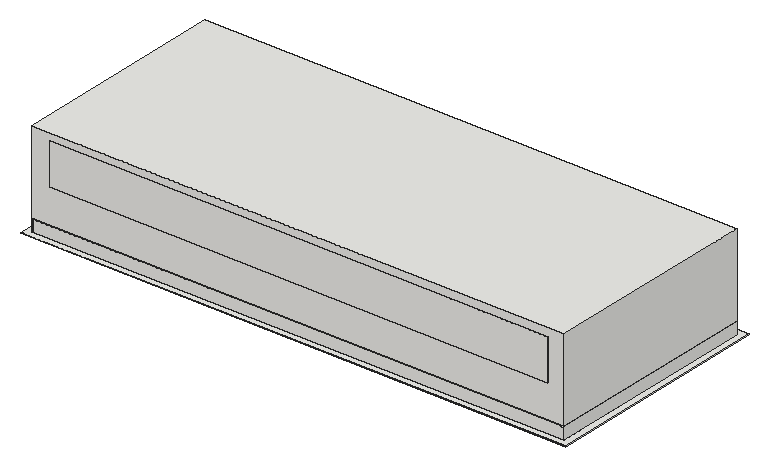
Revit family "AIRTECNICS_AIR CURTAIN_RECESSED WINDBOX BB_AIR ONLY (A)_00", category Mechanical Equipment, Revit 2016 (continued)
Definition of nested family "GEOM_RECESSED WINDBOX BB (A-E)"
  Automatic sketch dimensions
    plane 18 to Extrusion 44 sketch curve = 1.787 mm  (x12)
    Extrusion 44 sketch curve to Extrusion 44 sketch curve = 0.8 mm  (x15)
    plane 13 to Extrusion 44 sketch curve = 6.4 mm
    level to Extrusion 44 sketch curve = 0.881 mm  (x11)
    plane 13 to Extrusion 44 sketch curve = 6.8 mm
    Extrusion 44 sketch curve to Extrusion 44 sketch curve = 0.343 mm  (x10)
    plane 13 to Extrusion 44 sketch curve = 7.7 mm
    Extrusion 44 sketch curve to Extrusion 44 sketch curve = 0.457 mm  (x10)
    Extrusion 44 sketch curve to Extrusion 44 sketch curve = 1.3 mm  (x10)
    Extrusion 44 sketch curve to Extrusion 44 sketch curve = 8.369 mm  (x11)
    Extrusion 44 sketch curve to Extrusion 44 sketch curve = 13.961 mm  (x10)
    Extrusion 44 sketch curve to Extrusion 44 sketch curve = 13.56 mm  (x9)
    plane 18 to Extrusion 44 sketch curve = 14.344 mm  (x10)
    plane 18 to Extrusion 44 sketch curve = 13.319 mm  (x11)
    Extrusion 44 sketch curve to Extrusion 44 sketch curve = 0.5 mm  (x2)
    Extrusion 44 sketch curve to Extrusion 44 sketch curve = 0.999 mm
    Extrusion 44 sketch curve to Extrusion 44 sketch curve = 1.743 mm
    Extrusion 44 sketch curve to plane 31 = 4.5 mm
    Extrusion 44 sketch curve to plane 31 = 3.2 mm
    Extrusion 44 sketch curve to Extrusion 44 sketch curve = 0.658 mm
    Extrusion 44 sketch curve to Extrusion 44 sketch curve = 8.732 mm  (x12)
    Extrusion 45 sketch curve to plane 21 = 0.0 mm
    Extrusion 45 sketch curve to plane 20 = 0.0 mm
    Extrusion 45 sketch curve to plane 30 = 0.0 mm
    Extrusion 45 sketch curve to plane 31 = 0.0 mm
    Extrusion 52 sketch curve to plane 25 = 13.0 mm
    Extrusion 53 sketch curve to plane 25 = 13.0 mm
    Extrusion 52 sketch curve to plane 40 = 0.0 mm
    Extrusion 53 sketch curve to plane 40 = 0.0 mm
Types (4, lengths in mm): name | Weight | Product Size | Product Reference | Product Description | Power Fans | Noise Level (dB(A)) | Length | Current Fans | L | CT | Apparent Load | Airflow
  WINDBOX RBB 2500 A | 125.00 kg | "2500" | "RBB 2500 A" | "Self-supporting casing construction made of galvanized steel plate, ready to be installed recessed in a false ceiling. \r\nInlet grille (free of maintenance) made with aluminium profiles and blow-out nozzle, integrated in a single white frame colour RAL 9016. Other colours are available on request. \r\nAnodized aluminium outlet vanes, airfoil shaped, adjustable in both directions.\r\nEC Double-inlet centrifugal fans driven by an external rotor motor and low noise level, with very low consumption efficency fans.\r\n“A” type without heating, air only. \r\nIncludes Clever control (programmable, automatic, intelligent, energy saving, Modbus RTU for BMS…)\r\nAir Volume: 9380 m3/h \r\nFans:  2,037 kW  9,03 A 230Vx1 50/60Hz\r\nDimensions: 860x360x2550 mm (depth, height, length)" | 2.037 kW | 69 | 2550.0 | 9.03 A | 2500.0 | 16 | 2079 VA | 9380 m³/h
  WINDBOX RBB 2000 A | 100.00 kg | "2000" | "RBB 2000 A" | "Self-supporting casing construction made of galvanized steel plate, ready to be installed recessed in a false ceiling. \r\nInlet grille (free of maintenance) made with aluminium profiles and blow-out nozzle, integrated in a single white frame colour RAL 9016. Other colours are available on request. \r\nAnodized aluminium outlet vanes, airfoil shaped, adjustable in both directions.\r\nEC Double-inlet centrifugal fans driven by an external rotor motor and low noise level, with very low consumption efficency fans.\r\n“A” type without heating, air only. \r\nIncludes Clever control (programmable, automatic, intelligent, energy saving, Modbus RTU for BMS…)\r\nAir Volume: 8040 m3/h \r\nFans:  1,746 kW  7,74 A 230Vx1 50/60Hz\r\nDimensions: 860x360x2050 mm (depth, height, length)" | 1.746 kW | 68 | 2050.0 | 7.74 A | 2000.0 | 8 | 1782 VA | 8040 m³/h
  WINDBOX RBB 1500 A | 75.00 kg | "1500" | "RBB 1500 A" | "Self-supporting casing construction made of galvanized steel plate, ready to be installed recessed in a false ceiling. \r\nInlet grille (free of maintenance) made with aluminium profiles and blow-out nozzle, integrated in a single white frame colour RAL 9016. Other colours are available on request. \r\nAnodized aluminium outlet vanes, airfoil shaped, adjustable in both directions.\r\nEC Double-inlet centrifugal fans driven by an external rotor motor and low noise level, with very low consumption efficency fans.\r\n“A” type without heating, air only. \r\nIncludes Clever control (programmable, automatic, intelligent, energy saving, Modbus RTU for BMS…)\r\nAir Volume: 5360 m3/h \r\nFans:  1,164 kW  5,16 A 230Vx1 50/60Hz\r\nDimensions: 860x360x1550 mm (depth, height, length)" | 1.164 kW | 67 | 1550.0 | 5.16 A | 1500.0 | 4 | 1188 VA | 5360 m³/h
  WINDBOX RBB 1000 A | 50.00 kg | "1000" | "RBB 1000 A" | "Self-supporting casing construction made of galvanized steel plate, ready to be installed recessed in a false ceiling. \r\nInlet grille (free of maintenance) made with aluminium profiles and blow-out nozzle, integrated in a single white frame colour RAL 9016. Other colours are available on request. \r\nAnodized aluminium outlet vanes, airfoil shaped, adjustable in both directions.\r\nEC Double-inlet centrifugal fans driven by an external rotor motor and low noise level, with very low consumption efficency fans.\r\n“A” type without heating, air only. \r\nIncludes Clever control (programmable, automatic, intelligent, energy saving, Modbus RTU for BMS…)\r\nAir Volume: 4020 m3/h \r\nFans:  0,873 kW  3,87 A 230Vx1 50/60Hz\r\nDimensions: 860x360x1050 mm (depth, height, length)" | 0.873 kW | 66 | 1050.0 | 3.87 A | 1000.0 | 2 | 891 VA | 4020 m³/h
